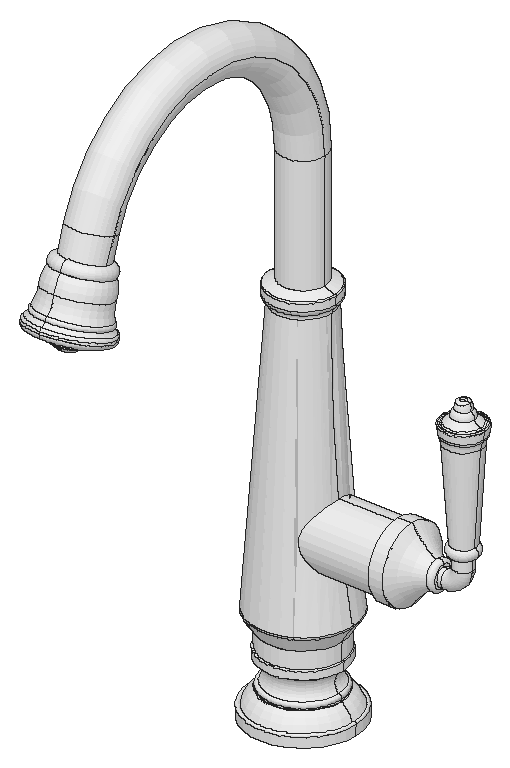
Revit family "xFaucet-Single_Control-American_Standard-Delancey-4279.410", category Plumbing Fixtures, Revit 2014
Parameters (values of type "4279.410")
  Waste Connection = no
  WFU = 0
  Vent Connection = no
  URL = "http://www.americanstandard-us.com"
  Product Page URL = "https://www.americanstandard-us.com/kitchens/kitchen-faucets/delancey-single-handle-bar-sink-faucet-30840"
  Product Documentation Link = "https://www.americanstandard-us.com/-/media/sites/asus/files/product-specs/kitchen-faucets/2017/specsheet-4279410.pdf?la=en"
  Price = "Prices may vary. Please consult Manufacturer Representative for most up-to-date price list."  # constant formula
  Model = "4279.410"
  Material = "Metal-American Standard-002-Polished Chrome"
  Manufacturer = "American Standard"  # constant formula
  Length = 6 3/4"  # constant formula
  Installation Type = "Deck Mounted"  # constant formula
  Hot Water Connection Diameter = 3/8"  # constant formula
  Height = 15 1/8"  # constant formula
  HWFU = 1.5
  HW Connection = yes
  Flow Rate = "1.5 gpm (5.7L/min)"  # constant formula
  Finish = Metal-American Standard-002-Polished Chrome
  Description = "Delancey Single Control Bar Sink Faucet With Pull-Down Spray"  # constant formula
  Default Elevation = 0"
  Creation Date = "05/18/2017"  # constant formula
  Cold Water Connection Diameter = 3/8"  # constant formula
  CWFU = 1.5
  CW Connection = yes
  Assembly Code = "D2020300"
  ADA Compliant = yes
Reference planes (in)
  plane 1 "Center (Front/Back)": y = 0
  plane 2: z = 0
  plane 3 "Center (Left/Right)": x = 0
  plane 4: y = -6.75
  plane 5: z = 10.375
  plane 6: z = 15.125
  plane 7: z = 3.9375
  plane 8: z = 7.6875
  plane 9: z = 7.6875
Forms (in)
  Revolve 1, solid, material "Metal-American Standard-002-Polished Chrome" <- "Finish"
    sketch origin (0, 0, -0.43924) x (1, 0, 0) y (0, 0, 1)
      loop
        line (0, 9.34712) -> (0, 0.43924) -> (1.20314, 0.43924) -> (1.20314, 0.66198)
        arc (1.20314, 0.66198) -> (1.17532, 0.70174) -> (1.12843, 0.68924) r 0.04233
        arc (1.12843, 0.68924) -> (1.02625, 0.86915) -> (0.88513, 1.02046) r 0.88597
        line (0.88513, 1.02046) -> (0.85429, 1.02046) -> (0.85429, 1.05298)
        arc (0.85429, 1.05298) -> (0.85618, 1.12005) -> (0.79831, 1.15399) r 0.06587
        arc (0.79831, 1.15399) -> (0.72691, 1.42043) -> (0.88513, 1.64639) r 0.32635
        line (0.88513, 1.64639) -> (0.9174, 1.66502) -> (0.9174, 1.83665)
        arc (0.9174, 1.83665) -> (0.90716, 1.85637) -> (0.88513, 1.85932) r 0.0241
        line (0.88513, 1.85932) -> (0.88513, 2.23842) -> (1.11637, 2.59449)
        arc (1.11637, 2.59449) -> (1.1245, 2.61415) -> (1.12505, 2.63543) r 0.0583
        arc (1.12505, 2.63543) -> (0.7619, 5.73045) -> (0.6553, 8.84488) r 37.74638
        arc (0.6553, 8.84488) -> (0.66926, 8.9071) -> (0.70723, 8.95855) r 0.15039
        arc (0.70723, 8.95855) -> (0.7388, 9.0004) -> (0.75, 9.05161) r 0.12262
        line (0.75, 9.05161) -> (0.75, 9.21539)
        arc (0.75, 9.21539) -> (0.74515, 9.23181) -> (0.73215, 9.24296) r 0.03022
        line (0.73215, 9.24296) -> (0.5, 9.34712) -> (0, 9.34712)
      axis (0, 9.34712) -> (0, 0.43924)
    angle from 0 to 360
  Sweep 2, solid, material "Metal-American Standard-002-Polished Chrome" <- "Finish"
    path origin (0, 0, -0.43924) x (0, 1, 0) y (0, 0, 1)
      loop
        line (0, 9.02681) -> (0, 11.97893)
        arc (0, 11.97893) -> (-2.57632, 15.0222) -> (-6.00306, 12.9835) r 3.08558
        line (-6.00306, 12.9835) -> (-6.18181, 12.46437)
    profile origin (0, 0, 10.06363) x (0, -1, 0) y (1, 0, 0)
      loop
        circle (0, 0) r 0.5
  Extrusion 3, solid, material "Metal-American Standard-002-Polished Chrome"
    sketch origin (0, 0, 0) x (1, 0, 0) y (0, 1, 0)
      loop
        circle (0.306, 0) r 0.1875
      loop
        circle (-0.306, 0) r 0.1875
    from 0 to 0.08883
  Revolve 4, solid, material "Metal-American Standard-002-Polished Chrome" <- "Finish"
    sketch origin (0, 0, 0) x (1, 0, 0) y (0, 0, 1)
      loop
        line (2.15939, 4.6875) -> (0, 4.6875) -> (0, 3.9375) -> (3.18784, 3.9375) -> (3.18784, 4.18441)
        arc (3.18784, 4.18441) -> (3.12468, 4.26045) -> (3.03015, 4.23154) r 0.0892
        arc (3.03015, 4.23154) -> (2.71598, 4.46401) -> (2.47795, 4.774) r 1.40581
        line (2.47795, 4.774) -> (2.15939, 4.774) -> (2.15939, 4.6875)
      axis (3.18784, 3.9375) -> (0, 3.9375)
    angle from 0 to 360
  Sweep 5, solid, material "Metal-American Standard-002-Polished Chrome" <- "Finish"
    path origin (0, 0, 0) x (1, 0, 0) y (0, 0, 1)
      loop
        line (3.18784, 3.9375) -> (3.29963, 3.9375)
        arc (3.29963, 3.9375) -> (3.54099, 4.03747) -> (3.64096, 4.27883) r 0.34133
        line (3.64096, 4.27883) -> (3.64096, 4.52883)
    profile origin (3.24373, 0, 3.9375) x (0, 0, 1) y (0, -1, 0)
      loop
        circle (0, 0) r 0.20249
  Revolve 6, solid, material "Metal-American Standard-002-Polished Chrome" <- "Finish"
    sketch origin (0, 0, 0) x (1, 0, 0) y (0, 0, 1)
      loop
        line (3.64096, 7.6875) -> (3.64096, 4.52883) -> (3.84345, 4.52883)
        arc (3.84345, 4.52883) -> (3.96845, 4.62475) -> (3.90816, 4.77032) r 0.12941
        arc (3.90816, 4.77032) -> (3.96498, 5.79769) -> (4.04347, 6.82364) r 48.74114
        arc (4.04347, 6.82364) -> (4.05894, 6.90732) -> (4.09009, 6.9865) r 0.44413
        arc (4.09009, 6.9865) -> (4.09921, 7.00939) -> (4.10401, 7.03355) r 0.13483
        line (4.10401, 7.03355) -> (4.12247, 7.2092)
        arc (4.12247, 7.2092) -> (4.11752, 7.22443) -> (4.10289, 7.23095) r 0.01969
        line (4.10289, 7.23095) -> (4.05929, 7.23095)
        arc (4.05929, 7.23095) -> (4.03927, 7.23466) -> (4.02191, 7.2453) r 0.05587
        line (4.02191, 7.2453) -> (3.88251, 7.37081)
        arc (3.88251, 7.37081) -> (3.86423, 7.452) -> (3.81299, 7.51758) r 0.18993
        arc (3.81299, 7.51758) -> (3.8019, 7.58489) -> (3.78178, 7.65008) r 0.50147
        arc (3.78178, 7.65008) -> (3.76034, 7.67724) -> (3.72728, 7.6875) r 0.0584
        line (3.72728, 7.6875) -> (3.64096, 7.6875)
      axis (3.64096, 4.52883) -> (3.64096, 7.6875)
    angle from 0 to 360
  Revolve 7, solid, material "Metal-American Standard-002-Polished Chrome" <- "Finish"
    sketch origin (0, -0.05041, 0) x (0, 1, 0) y (0, 0, 1)
      loop
        line (-6.99754, 10.68187) -> (-7.01504, 10.63104) -> (-6.91315, 10.59596) -> (-6.92871, 10.55077)
        arc (-6.92871, 10.55077) -> (-6.83034, 10.44178) -> (-6.69959, 10.375) r 0.40514
        line (-6.69959, 10.375) -> (-6.40369, 11.23435) -> (-6.1314, 12.02513) -> (-6.60416, 12.18792)
        arc (-6.60416, 12.18792) -> (-6.76048, 12.14844) -> (-6.80428, 11.99328) r 0.16108
        arc (-6.80428, 11.99328) -> (-6.93302, 11.83032) -> (-7.00978, 11.63734) r 0.71859
        arc (-7.00978, 11.63734) -> (-7.07994, 11.44792) -> (-7.19348, 11.28085) r 0.83592
        arc (-7.19348, 11.28085) -> (-7.2402, 11.24867) -> (-7.24471, 11.19212) r 0.06605
        arc (-7.24471, 11.19212) -> (-7.28961, 11.14764) -> (-7.34749, 11.12228) r 0.17284
        arc (-7.34749, 11.12228) -> (-7.3821, 11.10419) -> (-7.40364, 11.07161) r 0.07815
        line (-7.40364, 11.07161) -> (-7.42123, 11.02051)
        arc (-7.42123, 11.02051) -> (-7.42151, 10.95535) -> (-7.38206, 10.90349) r 0.10133
        arc (-7.38206, 10.90349) -> (-7.19369, 10.78592) -> (-6.99754, 10.68187) r 3.16178
      axis (-6.69959, 10.375) -> (-6.1314, 12.02513)
    angle from 0 to 360
Cuts and joins
  joined: Revolve 1, Sweep 2, Revolve 4, Sweep 5, Revolve 6, Revolve 7
Lines and regions (in)
  Masking region 1
    outline origin (0, 0, 0) x (1, 0, 0) y (0, 1, 0)
      loop
        arc (0.94022, 0.75068) -> (-0.9484, 0.74033) -> (-0.5, -1.09432) r 1.20314
        line (-0.5, -1.09432) -> (-0.5, -5.87256)
        arc (-0.5, -5.87256) -> (-0.55415, -5.94796) -> (-0.597, -6.03031) r 0.64942
        arc (-0.597, -6.03031) -> (-0.87569, -6.50713) -> (-0.79591, -7.05362) r 0.83526
        arc (-0.79591, -7.05362) -> (0, -7.53553) -> (0.79591, -7.05362) r 0.89821
        arc (0.79591, -7.05362) -> (0.87569, -6.50713) -> (0.597, -6.03031) r 0.83526
        arc (0.597, -6.03031) -> (0.55415, -5.94796) -> (0.5, -5.87256) r 0.64942
        line (0.5, -5.87256) -> (0.5, -1.09432)
        arc (0.5, -1.09432) -> (0.74033, -0.9484) -> (0.94022, -0.75068) r 1.20314
        line (0.94022, -0.75068) -> (2.15939, -0.75068) -> (2.15939, -0.8365) -> (2.47353, -0.8365)
        arc (2.47353, -0.8365) -> (2.71584, -0.52833) -> (3.03015, -0.29404) r 1.48967
        arc (3.03015, -0.29404) -> (3.12029, -0.32399) -> (3.18784, -0.25721) r 0.09082
        line (3.18784, -0.25721) -> (3.18784, -0.16375)
        arc (3.18784, -0.16375) -> (4.12277, 0) -> (3.18784, 0.16375) r 0.4818
        line (3.18784, 0.16375) -> (3.18784, 0.25721)
        arc (3.18784, 0.25721) -> (3.12029, 0.32399) -> (3.03015, 0.29404) r 0.09082
        arc (3.03015, 0.29404) -> (2.71584, 0.52833) -> (2.47353, 0.8365) r 1.48967
        line (2.47353, 0.8365) -> (2.15939, 0.8365) -> (2.15939, 0.75068) -> (0.94022, 0.75068)
  symbolic lines, detail levels medium+fine
    curve 1: arc (-0.5, 0, 0) -> (0, 0.5, 0) -> (0.5, 0, 0) r 0.5
    curve 2: line (-0.5, 0, 0) -> (-0.5, -1.09432, 0)
    curve 3: line (0.5, 0, 0) -> (0.5, -1.09432, 0)
    curve 4: line (0.94022, 0.75068, 0) -> (0.53366, 0.75068, 0)
    curve 5: line (0.94022, -0.75068, 0) -> (0.53366, -0.75068, 0)
    curve 6: arc (0.53366, -0.75068, 0) -> (0.78901, 0, 0) -> (0.53366, 0.75068, 0) r 1.23108
    curve 7: line (2.15939, 0.75068, 0) -> (2.15939, -0.75068, 0)
    curve 8: line (2.47795, -0.8365, 0) -> (2.47795, 0.8365, 0)
    curve 15: arc (0.59511, -6.03031, 0) -> (-0.00095, -6.93753, 0) -> (-0.597, -6.03031, 0) r 0.64942
    curve 17: line (-0.5, -5.87256, 0) -> (-0.5, -6.18181, 0)
    curve 18: line (0.5, -5.87256, 0) -> (0.5, -6.18181, 0)
    curve 19: arc (0.5, -6.18181, 0) -> (0, -6.68181, 0) -> (-0.5, -6.18181, 0) r 0.5
    curve 20: arc (3.18784, 0.16375, 0) -> (3.15889, 0, 0) -> (3.18784, -0.16375, 0) r 0.47759
  symbolic lines, detail levels fine
    curve 9: line (3.03015, 0.29404, 0) -> (3.03015, -0.29404, 0)
    curve 10: arc (3.88251, 0, 0) -> (3.88242, 0.00667, 0) -> (3.88214, 0.01333, 0) r 0.24155
    curve 11: circle (3.64096, 0, 0) r 0.12464 normal (0, 0, 1)
    curve 12: circle (3.64096, 0, 0) r 0.24155 normal (0, 0, 1)
    curve 13: circle (3.64096, 0, 0) r 0.17203 normal (0, 0, -1)
    curve 14: arc (-0.5, -0.54716, 0) -> (0, 0.75068, 0) -> (0.5, -0.54716, 0) r 0.74523
    curve 16: arc (-0.63044, -6.1285, 0) -> (-0.00095, -7.34554, 0) -> (0.62855, -6.1285, 0) r 0.77132
Dimensions and locks (in)
  plane 6 to plane 2 = 15 1/8"
  plane 5 to plane 2 = 10 3/8"
  plane 1 "Center (Front/Back)" to plane 4 = 6 3/4"
  plane 7 to level = 3 15/16"
  plane 8 to plane 7 = 3 3/4"
  aligned and locked: curve 1 to cut or joined group of Revolve 1, Sweep 2, Revolve 4, Sweep 5, Revolve 6, Revolve 7
  aligned and locked: curve 10 to cut or joined group of Revolve 1, Sweep 2, Revolve 4, Sweep 5, Revolve 6, Revolve 7
  aligned and locked: curve 12 to cut or joined group of Revolve 1, Sweep 2, Revolve 4, Sweep 5, Revolve 6, Revolve 7
  aligned and locked: curve 13 to cut or joined group of Revolve 1, Sweep 2, Revolve 4, Sweep 5, Revolve 6, Revolve 7
Connectors (in)
  piping at (0.306, 0, 0), diameter 0.375, driven by "CWFU", driven by "Cold Water Connection Diameter"
    settings: on Extrusion 3, index 1, connector inside diameter 24", connector length 0", flow factor 0, pipe flow 0 GPM, pressure drop 0.00 psi, fitting loss kfactor 0, connector angle 0.00°, fixture units 1.5, engagement length 0", angle of deflection 0.00°, flow configuration 3, flow direction 1, fitting loss method 0, system type 20, joint type 0, gender type 0, connector reference index -1, connector utility 0, adjustable connector no, is connector primary yes, connector description "3/8\" CW Inlet Supply"
  piping at (-0.306, 0, 0), diameter 0.375, driven by "HWFU", driven by "Hot Water Connection Diameter"
    settings: on Extrusion 3, index 2, connector inside diameter 24", connector length 0", flow factor 0, pipe flow 0 GPM, pressure drop 0.00 psi, fitting loss kfactor 0, connector angle 0.00°, fixture units 1.5, engagement length 0", angle of deflection 0.00°, flow configuration 3, flow direction 1, fitting loss method 0, system type 19, joint type 0, gender type 0, connector reference index -1, connector utility 0, adjustable connector no, is connector primary no, connector description "3/8\" HW Inlet Supply"
